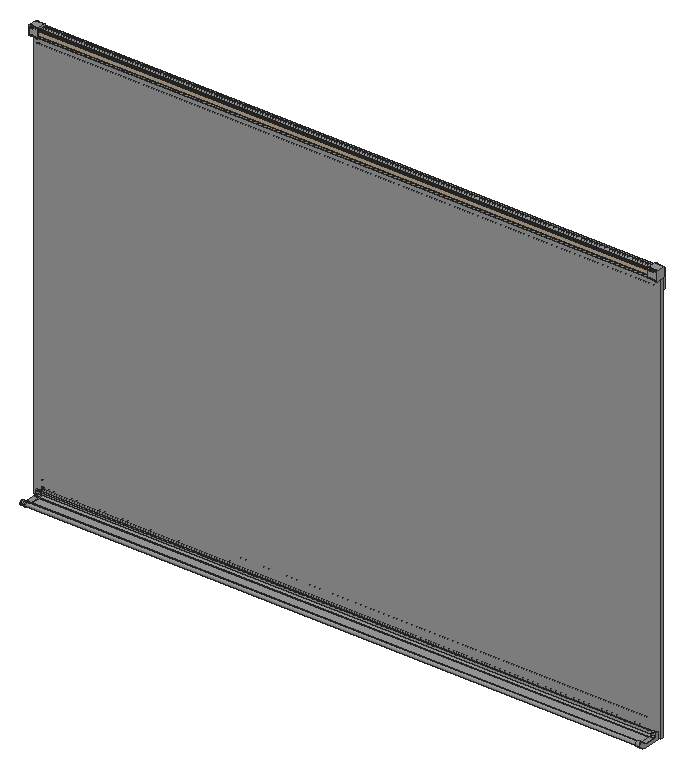
Revit family "Liso Glass Wall 4x6", category Generic Models, Revit 2018
Family settings
  Can host rebar = No
  Round Connector Dimension = Use Diameter
  Part Type = Normal
  Work Plane-Based = No
  Always vertical = Yes
  Cut with Voids When Loaded = No
  Shared = No
  Room Calculation Point = No
Parameters
  Panel = Liso Glass Wall 4x6 Panel
Reference planes (in)
  plane 1 "Center (Front/Back)": y = 0
  plane 2: z = 0
  plane 3 "Center (Left/Right)": x = 0
Forms (in)
  Extrusion 1, solid, material "Liso Glass Wall Trim Metal"
    sketch origin (-23.62205, 0, 18) x (0, 1, 0) y (0, 0, 1)
      loop
        line (-0.28802, 12.71551) -> (-0.28802, 12.22363) -> (-0.48802, 12.22363) -> (-0.48802, 12.77363) -> (-0.60087, 12.77363)
        arc (-0.60087, 12.77363) -> (-0.62209, 12.76485) -> (-0.63087, 12.74363) r 0.03
        line (-0.63087, 12.74363) -> (-0.63087, 12.45418)
        arc (-0.63087, 12.45418) -> (-0.67788, 12.32564) -> (-0.79672, 12.25776) r 0.19924
        arc (-0.79672, 12.25776) -> (-0.86084, 12.24904) -> (-0.92548, 12.24613) r 0.7187
        line (-0.92548, 12.24613) -> (-1.97548, 12.24613)
        arc (-1.97548, 12.24613) -> (-2.26159, 12.30205) -> (-2.50559, 12.4616) r 0.75985
        arc (-2.50559, 12.4616) -> (-2.80704, 12.55283) -> (-2.79142, 12.23827) r 0.19261
        arc (-2.79142, 12.23827) -> (-2.48945, 12.06146) -> (-2.14496, 12) r 0.99607
        line (-2.14496, 12) -> (0, 12) -> (0, 12.30193)
        arc (0, 12.30193) -> (-0.0275, 12.32943) -> (-0.055, 12.30193) r 0.0275
        line (-0.055, 12.30193) -> (-0.055, 12.20843) -> (-0.20802, 12.20843) -> (-0.20802, 12.69439) -> (-0.0848, 12.81762)
        arc (-0.0848, 12.81762) -> (-0.06815, 12.82253) -> (-0.055, 12.81121) r 0.01814
        line (-0.055, 12.81121) -> (-0.055, 12.65693)
        arc (-0.055, 12.65693) -> (-0.0275, 12.62943) -> (0, 12.65693) r 0.0275
        line (0, 12.65693) -> (0, 13.70847)
        arc (0, 13.70847) -> (-0.03996, 13.74843) -> (-0.07993, 13.70847) r 0.03996
        line (-0.07993, 13.70847) -> (-0.07993, 13.62094)
        arc (-0.07993, 13.62094) -> (-0.07047, 13.60109) -> (-0.05, 13.59302) r 0.03
        line (-0.05, 13.59302) -> (-0.05, 13.15338)
        arc (-0.05, 13.15338) -> (-0.07121, 13.14459) -> (-0.08, 13.12338) r 0.03
        line (-0.08, 13.12338) -> (-0.08, 12.92353) -> (-0.28802, 12.71551)
    from -11.31295 to 58.55705
  Extrusion 2, solid, material "Liso Glass Wall Trim Metal"
    sketch origin (-23.62205, 0, -5.35978) x (0, 1, 0) y (0, 0, 1)
      loop
        line (0, 83.04907) -> (-0.645, 83.04907)
        arc (-0.645, 83.04907) -> (-0.70089, 83.02419) -> (-0.7198, 82.966) r 0.07521
        arc (-0.7198, 82.966) -> (-0.66833, 82.72387) -> (-0.56764, 82.49772) r 1.18412
        arc (-0.56764, 82.49772) -> (-0.44963, 82.3733) -> (-0.28802, 82.31595) r 0.36764
        arc (-0.28802, 82.31595) -> (-0.27338, 82.27072) -> (-0.23409, 82.24395) r 0.0734
        line (-0.23409, 82.24395) -> (-0.1, 82.20802) -> (-0.1, 81.00078)
        arc (-0.1, 81.00078) -> (-0.05, 80.95078) -> (0, 81.00078) r 0.05
        line (0, 81.00078) -> (0, 83.04907)
    from -11.81795 to 59.06205
  Extrusion 3, solid, material "Liso Glass Wall 4x6 Panel" <- "Panel"
    sketch origin (-23.62205, 0, -5.35978) x (0, 1, 0) y (0, 0, 1)
      loop
        line (-0.48802, 35.58341) -> (-0.28802, 35.58341) -> (-0.28802, 83.08978) -> (-0.48802, 83.08978) -> (-0.48802, 35.58341)
    from -11.81795 to 59.06205
  Extrusion 4, solid, material "Liso Glass Wall Trim Black"
    sketch origin (11.25527, 0, 18) x (0, 1, 0) y (0, 0, -1)
      loop
        line (-0.48802, -12.80488) -> (-0.48802, -11.96875) -> (-2.14496, -11.96875)
        arc (-2.14496, -11.96875) -> (-2.49924, -12.03177) -> (-2.81005, -12.2131) r 1.02732
        arc (-2.81005, -12.2131) -> (-2.82851, -12.57569) -> (-2.47857, -12.47895) r 0.22386
        arc (-2.47857, -12.47895) -> (-2.24646, -12.32965) -> (-1.97548, -12.27738) r 0.7286
        line (-1.97548, -12.27738) -> (-0.92548, -12.27738)
        arc (-0.92548, -12.27738) -> (-0.86355, -12.28017) -> (-0.80213, -12.28853) r 0.68745
        arc (-0.80213, -12.28853) -> (-0.70181, -12.34573) -> (-0.66212, -12.45418) r 0.16799
        line (-0.66212, -12.45418) -> (-0.66212, -12.74363)
        arc (-0.66212, -12.74363) -> (-0.64418, -12.78694) -> (-0.60087, -12.80488) r 0.06125
        line (-0.60087, -12.80488) -> (-0.48802, -12.80488)
    from 45.75863 to 46.29027
  Extrusion 5, solid, material "Liso Glass Wall Trim Black"
    sketch origin (-11.25527, 0, 18) x (0, 1, 0) y (0, 0, 1)
      loop
        line (-0.48802, 12.80488) -> (-0.60087, 12.80488)
        arc (-0.60087, 12.80488) -> (-0.64418, 12.78694) -> (-0.66212, 12.74363) r 0.06125
        line (-0.66212, 12.74363) -> (-0.66212, 12.45418)
        arc (-0.66212, 12.45418) -> (-0.70181, 12.34573) -> (-0.80213, 12.28853) r 0.16799
        arc (-0.80213, 12.28853) -> (-0.86355, 12.28017) -> (-0.92548, 12.27738) r 0.68745
        line (-0.92548, 12.27738) -> (-1.97548, 12.27738)
        arc (-1.97548, 12.27738) -> (-2.24646, 12.32965) -> (-2.47857, 12.47895) r 0.7286
        arc (-2.47857, 12.47895) -> (-2.82851, 12.57569) -> (-2.81005, 12.2131) r 0.22386
        arc (-2.81005, 12.2131) -> (-2.49924, 12.03177) -> (-2.14496, 11.96875) r 1.02732
        line (-2.14496, 11.96875) -> (-0.48802, 11.96875) -> (-0.48802, 12.80488)
    from 45.75863 to 46.29027
  Extrusion 6, solid, material "Liso Glass Wall Trim Metal"
    sketch origin (11.575, -0.12998, -0.08918) x (0, 1, 0) y (0, 0, 1)
      loop
        line (-0.045, 77.82375) -> (-0.90502, 77.82375) -> (-0.90502, 77.91496)
        arc (-0.90502, 77.91496) -> (-0.93002, 77.93996) -> (-0.95502, 77.91496) r 0.025
        line (-0.95502, 77.91496) -> (-0.95502, 77.73113)
        arc (-0.95502, 77.73113) -> (-0.93502, 77.71113) -> (-0.91502, 77.73113) r 0.02
        line (-0.91502, 77.73113) -> (-0.91502, 77.77875) -> (-0.645, 77.77875) -> (-0.645, 77.14376) -> (-0.91502, 77.14376) -> (-0.91502, 77.19114)
        arc (-0.91502, 77.19114) -> (-0.93502, 77.21114) -> (-0.95502, 77.19114) r 0.02
        line (-0.95502, 77.19114) -> (-0.95502, 77.00732)
        arc (-0.95502, 77.00732) -> (-0.93002, 76.98232) -> (-0.90502, 77.00732) r 0.025
        line (-0.90502, 77.00732) -> (-0.90502, 77.09876) -> (-0.6, 77.09876) -> (-0.6, 77.77875) -> (-0.09, 77.77875) -> (-0.09, 77.25375)
        arc (-0.09, 77.25375) -> (-0.0675, 77.23875) -> (-0.045, 77.25375) r 0.02437
        line (-0.045, 77.25375) -> (-0.045, 77.82375)
    from -47.01 to 23.85614
  Extrusion 7, solid, material "Liso Glass Wall Map Rail"
    sketch origin (11.575, -0.12998, -0.08918) x (0, 1, 0) y (0, 0, 1)
      loop
        line (-0.91502, 77.77875) -> (-0.91502, 77.14376) -> (-0.66502, 77.14376) -> (-0.66502, 77.77875) -> (-0.91502, 77.77875)
    from -47.01 to 23.85614
Dimensions and locks (in)
  aligned and locked: plane 2 to level
Nested families (in)
  nested 1: "Porcelain Steel Top Corner" at (-12.51, -0.13998, 23.59789), type "Porcelain Steel Top Corner"
  nested 2: "Porcelain Steel Top Corner" at (12.51, -0.13998, 23.59789) x (-1, 0, 0) z (0, 0, 1), type "Porcelain Steel Top Corner"
Definition of nested family "Porcelain Steel Top Corner"
  Parameters (values of type "Porcelain Steel Top Corner")
    Width = 8' - 0"
  Reference planes (in)
    plane 1 "Center (Front/Back)": y = 0
    plane 2: z = 0
    plane 3 "Center (Left/Right)": x = 0
  Forms (in)
    Extrusion 1, solid
      sketch origin (0, 0, 0) x (0, 1, 0) y (0, 0, 1)
        loop
          line (-1.00502, 54.2214) -> (-1.00502, 53.31353)
          arc (-1.00502, 53.31353) -> (-0.98012, 53.25343) -> (-0.92002, 53.22853) r 0.085
          line (-0.92002, 53.22853) -> (-0.92002, 54.3064)
          arc (-0.92002, 54.3064) -> (-0.98012, 54.28151) -> (-1.00502, 54.2214) r 0.085
      from 47.01 to 47.95
    Extrusion 2, solid
      sketch origin (0, 0, 0) x (0, 1, 0) y (0, 0, 1)
        loop
          line (0.01687, 54.3064) -> (-0.92502, 54.3064)
          arc (-0.92502, 54.3064) -> (-0.94623, 54.29762) -> (-0.95502, 54.2764) r 0.03
          line (-0.95502, 54.2764) -> (-0.95502, 53.25853)
          arc (-0.95502, 53.25853) -> (-0.94623, 53.23732) -> (-0.92502, 53.22853) r 0.03
          line (-0.92502, 53.22853) -> (0.01687, 53.22853)
          arc (0.01687, 53.22853) -> (0.03809, 53.23732) -> (0.04687, 53.25853) r 0.03
          line (0.04687, 53.25853) -> (0.04687, 54.2764)
          arc (0.04687, 54.2764) -> (0.03809, 54.29762) -> (0.01687, 54.3064) r 0.03
      from 47.01 to 48
    Extrusion 3, solid
      sketch origin (0, 0, 0) x (1, 0, 0) y (0, 1, 0)
        loop
          line (48, -0.95502) -> (47.95, -0.95502) -> (47.95, -1.00502)
          arc (47.95, -1.00502) -> (47.98536, -0.99037) -> (48, -0.95502) r 0.05
      from 53.31353 to 54.2214
  Dimensions and locks (in)
    aligned and locked: plane 2 to level
